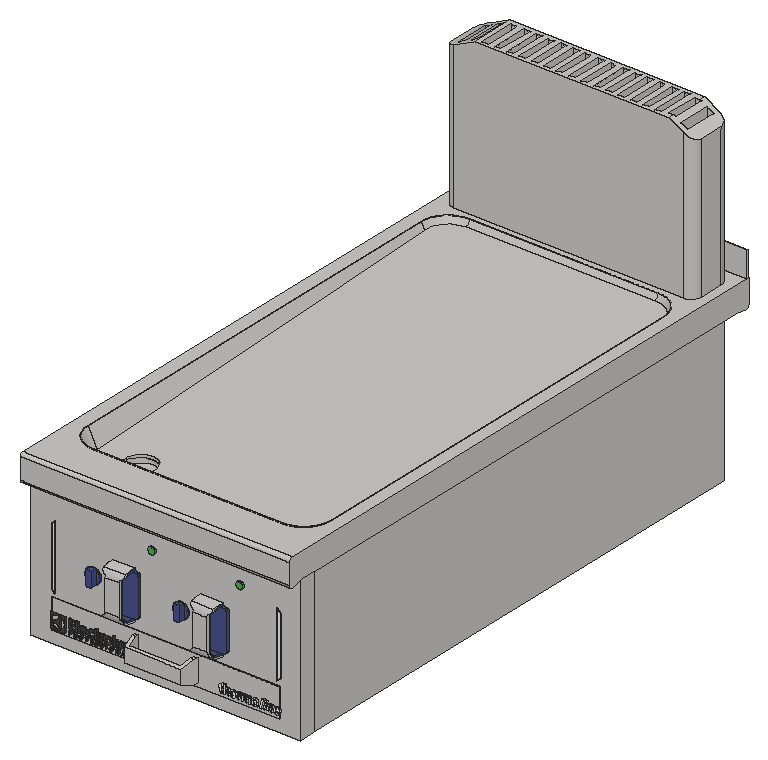
Revit family "QF_ELECTROLUXPROFESSIONAL_588532_MBHMBBDOPO", category Attrezzature speciali, Revit 2020 (continued)
Definition of nested family "Front_Panel_W400_Two Knobs_2Spie_Manop"
  Definition of nested family "ELX_Professional_Logo_Small"
    Forms (mm)
      Extrusion 2, solid, material <- "Material_Logo"
        sketch origin (15.5, 0, 0) x (1, 0, 0) y (0, 1, 0)
          loop
            spline (-24.114, -0.509) -> (-24.311, -0.699) -> (-24.509, -0.872) -> (-24.71, -1.03) -> (-24.915, -1.172) -> (-25.126, -1.297) -> (-25.346, -1.407) -> (-25.576, -1.5) -> (-25.817, -1.576) -> (-26.072, -1.636) -> (-26.342, -1.678) -> (-26.629, -1.704) -> (-26.936, -1.713)
            spline (-26.936, -1.713) -> (-27.384, -1.691) -> (-27.805, -1.625) -> (-28.196, -1.518) -> (-28.556, -1.372) -> (-28.882, -1.187) -> (-29.174, -0.966) -> (-29.429, -0.71) -> (-29.645, -0.422) -> (-29.821, -0.102) -> (-29.955, 0.247) -> (-30.045, 0.623) -> (-30.089, 1.026)
            line (-30.089, 1.026) -> (-21.956, 1.026) -> (-21.915, 1.897)
          loop
            spline (-24.446, 2.769) -> (-24.47, 3.075) -> (-24.54, 3.37) -> (-24.654, 3.65) -> (-24.807, 3.913) -> (-24.996, 4.156) -> (-25.219, 4.376) -> (-25.472, 4.57) -> (-25.753, 4.736) -> (-26.057, 4.869) -> (-26.382, 4.968) -> (-26.724, 5.03) -> (-27.081, 5.051)
            spline (-27.081, 5.051) -> (-27.464, 5.03) -> (-27.832, 4.97) -> (-28.183, 4.872) -> (-28.513, 4.74) -> (-28.819, 4.577) -> (-29.099, 4.384) -> (-29.347, 4.165) -> (-29.563, 3.923) -> (-29.742, 3.659) -> (-29.881, 3.377) -> (-29.977, 3.079) -> (-30.027, 2.769)
            line (-30.027, 2.769) -> (-24.446, 2.769)
          loop
            spline (-18.167, 1.669) -> (-18.138, 2.13) -> (-18.055, 2.567) -> (-17.921, 2.978) -> (-17.739, 3.358) -> (-17.512, 3.705) -> (-17.243, 4.016) -> (-16.937, 4.287) -> (-16.596, 4.517) -> (-16.223, 4.7) -> (-15.823, 4.835) -> (-15.398, 4.919) -> (-14.951, 4.947)
            spline (-14.951, 4.947) -> (-14.677, 4.938) -> (-14.414, 4.913) -> (-14.162, 4.871) -> (-13.921, 4.812) -> (-13.69, 4.738) -> (-13.467, 4.649) -> (-13.254, 4.544) -> (-13.048, 4.424) -> (-12.85, 4.291) -> (-12.659, 4.143) -> (-12.474, 3.981) -> (-12.295, 3.806)
            line (-12.295, 3.806) -> (-10.76, 5.403)
            spline (-10.76, 5.403) -> (-11.065, 5.709) -> (-11.38, 5.984) -> (-11.703, 6.228) -> (-12.035, 6.443) -> (-12.375, 6.63) -> (-12.723, 6.788) -> (-13.078, 6.92) -> (-13.44, 7.026) -> (-13.809, 7.107) -> (-14.184, 7.164) -> (-14.564, 7.198) -> (-14.951, 7.209)
            spline (-14.951, 7.209) -> (-15.725, 7.161) -> (-16.467, 7.02) -> (-17.169, 6.792) -> (-17.826, 6.482) -> (-18.43, 6.096) -> (-18.976, 5.637) -> (-19.455, 5.112) -> (-19.862, 4.525) -> (-20.19, 3.882) -> (-20.433, 3.189) -> (-20.584, 2.449) -> (-20.635, 1.669)
            spline (-20.635, 1.669) -> (-20.584, 0.889) -> (-20.433, 0.149) -> (-20.19, -0.545) -> (-19.862, -1.187) -> (-19.455, -1.774) -> (-18.976, -2.299) -> (-18.43, -2.758) -> (-17.826, -3.145) -> (-17.169, -3.454) -> (-16.467, -3.682) -> (-15.725, -3.823) -> (-14.951, -3.871)
            spline (-14.951, -3.871) -> (-14.564, -3.86) -> (-14.184, -3.826) -> (-13.809, -3.77) -> (-13.44, -3.689) -> (-13.078, -3.583) -> (-12.723, -3.451) -> (-12.375, -3.292) -> (-12.035, -3.105) -> (-11.703, -2.89) -> (-11.38, -2.646) -> (-11.065, -2.371) -> (-10.76, -2.066)
            line (-10.76, -2.066) -> (-12.295, -0.468)
            spline (-12.295, -0.468) -> (-12.474, -0.643) -> (-12.659, -0.805) -> (-12.85, -0.953) -> (-13.048, -1.087) -> (-13.254, -1.206) -> (-13.467, -1.311) -> (-13.69, -1.4) -> (-13.921, -1.475) -> (-14.162, -1.533) -> (-14.414, -1.575) -> (-14.677, -1.6) -> (-14.951, -1.609)
            spline (-14.951, -1.609) -> (-15.398, -1.581) -> (-15.823, -1.497) -> (-16.223, -1.362) -> (-16.596, -1.179) -> (-16.937, -0.95) -> (-17.243, -0.678) -> (-17.512, -0.367) -> (-17.739, -0.02) -> (-17.921, 0.36) -> (-18.055, 0.771) -> (-18.138, 1.208) -> (-18.167, 1.669)
          loop
            spline (-4.441, -1.243) -> (-4.659, -1.247) -> (-4.894, -1.23) -> (-5.137, -1.19) -> (-5.384, -1.121) -> (-5.628, -1.021) -> (-5.864, -0.884) -> (-6.084, -0.708) -> (-6.283, -0.488) -> (-6.454, -0.219) -> (-6.592, 0.101) -> (-6.69, 0.478) -> (-6.742, 0.914)
            line (-6.742, 0.914) -> (-6.742, 4.587) -> (-4.487, 4.587) -> (-4.487, 6.838) -> (-6.738, 6.838) -> (-6.738, 10.824) -> (-9.217, 10.824) -> (-9.217, 0.773)
            spline (-9.217, 0.773) -> (-9.164, 0.19) -> (-9.068, -0.358) -> (-8.928, -0.87) -> (-8.742, -1.343) -> (-8.511, -1.777) -> (-8.232, -2.168) -> (-7.904, -2.515) -> (-7.527, -2.816) -> (-7.098, -3.069) -> (-6.618, -3.273) -> (-6.084, -3.426) -> (-5.496, -3.525)
            line (-5.496, -3.525) -> (-4.45, -3.573) -> (-4.441, -1.243)
          loop
            spline (3.898, 6.983) -> (3.469, 7.009) -> (3.056, 7.001) -> (2.661, 6.961) -> (2.283, 6.888) -> (1.925, 6.785) -> (1.588, 6.652) -> (1.272, 6.49) -> (0.979, 6.301) -> (0.71, 6.085) -> (0.465, 5.844) -> (0.247, 5.578) -> (0.056, 5.289)
            line (0.056, 5.289) -> (0.056, 6.838) -> (-2.402, 6.838) -> (-2.402, -3.572) -> (0.056, -3.572) -> (0.056, 1.901)
            spline (0.056, 1.901) -> (0.079, 2.316) -> (0.145, 2.703) -> (0.254, 3.06) -> (0.404, 3.386) -> (0.592, 3.679) -> (0.818, 3.938) -> (1.08, 4.162) -> (1.375, 4.348) -> (1.703, 4.495) -> (2.062, 4.602) -> (2.45, 4.668) -> (2.865, 4.69)
            line (2.865, 4.69) -> (3.898, 4.586) -> (3.898, 6.983)
          loop
            spline (15.638, 1.633) -> (15.586, 2.396) -> (15.435, 3.124) -> (15.192, 3.81) -> (14.863, 4.449) -> (14.455, 5.034) -> (13.975, 5.56) -> (13.43, 6.021) -> (12.826, 6.411) -> (12.17, 6.724) -> (11.469, 6.955) -> (10.729, 7.098) -> (9.958, 7.147)
            spline (9.958, 7.147) -> (9.182, 7.098) -> (8.44, 6.955) -> (7.737, 6.724) -> (7.081, 6.411) -> (6.477, 6.021) -> (5.933, 5.56) -> (5.454, 5.034) -> (5.048, 4.449) -> (4.721, 3.81) -> (4.479, 3.124) -> (4.329, 2.396) -> (4.277, 1.633)
            spline (4.277, 1.633) -> (4.329, 0.869) -> (4.479, 0.141) -> (4.721, -0.544) -> (5.048, -1.183) -> (5.454, -1.768) -> (5.933, -2.294) -> (6.477, -2.755) -> (7.081, -3.145) -> (7.737, -3.459) -> (8.44, -3.69) -> (9.182, -3.833) -> (9.958, -3.882)
            spline (9.958, -3.882) -> (10.729, -3.833) -> (11.469, -3.69) -> (12.17, -3.459) -> (12.826, -3.145) -> (13.43, -2.755) -> (13.975, -2.294) -> (14.455, -1.768) -> (14.863, -1.183) -> (15.192, -0.544) -> (15.435, 0.141) -> (15.586, 0.869) -> (15.638, 1.633)
          loop
            spline (13.18, 1.633) -> (13.151, 2.083) -> (13.067, 2.513) -> (12.932, 2.918) -> (12.748, 3.296) -> (12.52, 3.642) -> (12.251, 3.954) -> (11.943, 4.227) -> (11.601, 4.459) -> (11.228, 4.645) -> (10.828, 4.782) -> (10.403, 4.867) -> (9.958, 4.896)
            spline (9.958, 4.896) -> (9.509, 4.867) -> (9.081, 4.782) -> (8.679, 4.645) -> (8.306, 4.459) -> (7.964, 4.227) -> (7.658, 3.954) -> (7.39, 3.642) -> (7.163, 3.296) -> (6.981, 2.918) -> (6.847, 2.513) -> (6.765, 2.083) -> (6.736, 1.633)
            spline (6.736, 1.633) -> (6.765, 1.182) -> (6.847, 0.753) -> (6.981, 0.347) -> (7.163, -0.031) -> (7.39, -0.377) -> (7.658, -0.689) -> (7.964, -0.962) -> (8.306, -1.193) -> (8.679, -1.38) -> (9.081, -1.517) -> (9.509, -1.602) -> (9.958, -1.631)
            spline (9.958, -1.631) -> (10.403, -1.602) -> (10.828, -1.517) -> (11.228, -1.38) -> (11.601, -1.193) -> (11.943, -0.962) -> (12.251, -0.689) -> (12.52, -0.377) -> (12.748, -0.031) -> (12.932, 0.347) -> (13.067, 0.753) -> (13.151, 1.182) -> (13.18, 1.633)
          loop
            line (17.162, 4.269) -> (17.162, -3.573) -> (19.642, -3.573) -> (19.642, 10.824) -> (17.162, 10.824) -> (17.162, 4.269)
          loop
            line (28.581, 6.838) -> (28.581, 0.786)
            spline (28.581, 0.786) -> (28.561, 0.393) -> (28.503, 0.038) -> (28.409, -0.279) -> (28.281, -0.559) -> (28.122, -0.802) -> (27.933, -1.011) -> (27.717, -1.185) -> (27.476, -1.325) -> (27.213, -1.433) -> (26.929, -1.509) -> (26.626, -1.554) -> (26.308, -1.569)
            spline (26.308, -1.569) -> (25.99, -1.554) -> (25.688, -1.509) -> (25.404, -1.434) -> (25.141, -1.326) -> (24.9, -1.187) -> (24.684, -1.014) -> (24.496, -0.807) -> (24.336, -0.565) -> (24.209, -0.288) -> (24.115, 0.026) -> (24.057, 0.376) -> (24.037, 0.765)
            line (24.037, 0.765) -> (24.037, 6.838) -> (21.537, 6.838) -> (21.537, 0.558)
            spline (21.537, 0.558) -> (21.581, -0.153) -> (21.71, -0.8) -> (21.916, -1.384) -> (22.195, -1.904) -> (22.54, -2.362) -> (22.944, -2.757) -> (23.403, -3.09) -> (23.909, -3.362) -> (24.456, -3.572) -> (25.04, -3.722) -> (25.652, -3.811) -> (26.288, -3.841)
            spline (26.288, -3.841) -> (26.929, -3.811) -> (27.547, -3.72) -> (28.135, -3.568) -> (28.687, -3.355) -> (29.197, -3.079) -> (29.66, -2.741) -> (30.068, -2.341) -> (30.415, -1.877) -> (30.696, -1.349) -> (30.905, -0.757) -> (31.034, -0.101) -> (31.079, 0.621)
            line (31.079, 0.621) -> (31.079, 6.838) -> (28.581, 6.838)
          loop
            line (40.457, -0.243) -> (38.894, 1.942) -> (40.83, 4.579) -> (42.488, 6.837) -> (39.782, 6.837) -> (37.53, 3.719) -> (35.258, 6.837) -> (32.573, 6.837) -> (34.113, 4.731) -> (36.167, 1.922) -> (34.014, -1.076) -> (32.222, -3.573) -> (34.887, -3.573) -> (37.53, 0.104) -> (40.174, -3.573) -> (42.839, -3.573) -> (40.457, -0.243)
          loop
            line (-46.121, -5.837) -> (-48.039, -5.837) -> (-48.039, -10.814) -> (-47.016, -10.814) -> (-47.016, -9.128) -> (-46.121, -9.128)
            arc (-46.121, -9.128) -> (-44.476, -7.482) -> (-46.121, -5.837) r 1.645
          loop
            line (-46.163, -6.778) -> (-47.016, -6.778) -> (-47.016, -8.187) -> (-46.163, -8.187)
            arc (-46.163, -8.187) -> (-45.458, -7.482) -> (-46.163, -6.778) r 0.704
          loop
            line (-38.313, -5.837) -> (-40.265, -5.837) -> (-40.265, -10.814) -> (-39.241, -10.814) -> (-39.241, -9.1) -> (-38.46, -9.182) -> (-37.48, -10.814) -> (-36.318, -10.814) -> (-37.513, -8.848)
            arc (-37.513, -8.848) -> (-36.888, -8.266) -> (-36.671, -7.441) r 1.536
            arc (-36.671, -7.441) -> (-37.165, -6.305) -> (-38.313, -5.837) r 1.643
          loop
            arc (-38.402, -8.166) -> (-37.707, -7.505) -> (-38.334, -6.778) r 0.696
            line (-38.334, -6.778) -> (-39.241, -6.778) -> (-39.241, -8.166) -> (-38.402, -8.166)
          loop
            circle (-29.965, -8.325) r 2.585
          loop
            circle (-29.965, -8.325) r 1.64
          loop
            line (-23.1, -5.837) -> (-23.1, -10.814) -> (-22.076, -10.814) -> (-22.076, -8.768) -> (-20.204, -8.768) -> (-20.204, -7.828) -> (-22.076, -7.828) -> (-22.076, -6.778) -> (-20.024, -6.778) -> (-20.024, -5.837) -> (-23.1, -5.837)
          loop
            line (-15.802, -5.837) -> (-15.802, -9.2)
            arc (-15.802, -9.2) -> (-15.343, -10.34) -> (-14.209, -10.814) r 1.593
            line (-14.209, -10.814) -> (-12.602, -10.814) -> (-12.602, -10.027) -> (-14.004, -10.027)
            arc (-14.004, -10.027) -> (-14.552, -9.8) -> (-14.779, -9.252) r 0.775
            line (-14.779, -9.252) -> (-14.779, -8.424) -> (-12.789, -8.424) -> (-12.789, -7.642) -> (-14.779, -7.642) -> (-14.779, -6.778) -> (-12.651, -6.778) -> (-12.651, -5.837) -> (-15.802, -5.837)
          loop
            line (-5.909, -7.143) -> (-5.173, -6.638)
            arc (-5.173, -6.638) -> (-5.855, -5.974) -> (-6.781, -5.755) r 1.782
            arc (-6.781, -5.755) -> (-7.397, -5.878) -> (-7.944, -6.189) r 1.974
            arc (-7.944, -6.189) -> (-8.202, -6.5) -> (-8.317, -6.888) r 1.013
            arc (-8.317, -6.888) -> (-8.306, -7.341) -> (-8.192, -7.78) r 1.985
            arc (-8.192, -7.78) -> (-7.749, -8.259) -> (-7.171, -8.563) r 1.928
            arc (-7.171, -8.563) -> (-6.637, -8.779) -> (-6.131, -9.056) r 5.041
            arc (-6.131, -9.056) -> (-5.934, -9.387) -> (-6.09, -9.74) r 0.42
            arc (-6.09, -9.74) -> (-6.631, -9.96) -> (-7.204, -9.845) r 1.016
            arc (-7.204, -9.845) -> (-7.625, -9.603) -> (-7.889, -9.196) r 1.033
            line (-7.889, -9.196) -> (-8.67, -9.686)
            arc (-8.67, -9.686) -> (-8.361, -10.198) -> (-7.908, -10.589) r 1.914
            arc (-7.908, -10.589) -> (-7.334, -10.834) -> (-6.714, -10.896) r 2.063
            arc (-6.714, -10.896) -> (-5.947, -10.743) -> (-5.256, -10.376) r 2.696
            arc (-5.256, -10.376) -> (-4.95, -9.565) -> (-5.108, -8.712) r 1.618
            arc (-5.108, -8.712) -> (-5.448, -8.319) -> (-5.884, -8.035) r 1.876
            arc (-5.884, -8.035) -> (-6.434, -7.789) -> (-6.999, -7.577) r 9.883
            arc (-6.999, -7.577) -> (-7.325, -7.07) -> (-6.854, -6.694) r 0.45
            arc (-6.854, -6.694) -> (-6.329, -6.809) -> (-5.909, -7.143) r 1.197
          loop
            line (1.61, -7.143) -> (2.345, -6.638)
            arc (2.345, -6.638) -> (1.663, -5.974) -> (0.737, -5.755) r 1.782
            arc (0.737, -5.755) -> (0.121, -5.878) -> (-0.425, -6.189) r 1.974
            arc (-0.425, -6.189) -> (-0.683, -6.5) -> (-0.799, -6.888) r 1.013
            arc (-0.799, -6.888) -> (-0.788, -7.341) -> (-0.674, -7.78) r 1.985
            arc (-0.674, -7.78) -> (-0.231, -8.259) -> (0.347, -8.563) r 1.928
            arc (0.347, -8.563) -> (0.881, -8.779) -> (1.387, -9.056) r 5.041
            arc (1.387, -9.056) -> (1.584, -9.387) -> (1.428, -9.74) r 0.42
            arc (1.428, -9.74) -> (0.887, -9.96) -> (0.314, -9.845) r 1.016
            arc (0.314, -9.845) -> (-0.107, -9.603) -> (-0.371, -9.196) r 1.033
            line (-0.371, -9.196) -> (-1.152, -9.686)
            arc (-1.152, -9.686) -> (-0.842, -10.198) -> (-0.39, -10.589) r 1.914
            arc (-0.39, -10.589) -> (0.184, -10.834) -> (0.804, -10.896) r 2.063
            arc (0.804, -10.896) -> (1.572, -10.743) -> (2.263, -10.376) r 2.696
            arc (2.263, -10.376) -> (2.568, -9.565) -> (2.411, -8.712) r 1.618
            arc (2.411, -8.712) -> (2.07, -8.319) -> (1.635, -8.035) r 1.876
            arc (1.635, -8.035) -> (1.084, -7.789) -> (0.519, -7.577) r 9.883
            arc (0.519, -7.577) -> (0.193, -7.07) -> (0.665, -6.694) r 0.45
            arc (0.665, -6.694) -> (1.189, -6.809) -> (1.61, -7.143) r 1.197
          loop
            line (6.801, -5.837) -> (6.801, -10.814) -> (7.825, -10.814) -> (7.825, -5.837) -> (6.801, -5.837)
          loop
            circle (14.724, -8.325) r 1.548
          loop
            circle (14.724, -8.325) r 2.585
          loop
            line (21.59, -10.814) -> (22.623, -10.814) -> (22.623, -7.685) -> (24.9, -10.814) -> (25.895, -10.814) -> (25.895, -5.837) -> (24.861, -5.837) -> (24.861, -9.061) -> (22.585, -5.837) -> (21.59, -5.837) -> (21.59, -10.814)
          loop
            line (31.054, -10.814) -> (31.539, -9.74) -> (33.38, -9.74) -> (33.865, -10.814) -> (34.965, -10.814) -> (32.46, -5.837) -> (29.956, -10.814) -> (31.054, -10.814)
          loop
            line (32.46, -7.698) -> (31.999, -8.719) -> (32.921, -8.719) -> (32.46, -7.698)
          loop
            line (40.047, -9.873) -> (40.047, -5.837) -> (39.024, -5.837) -> (39.024, -10.814) -> (41.961, -10.814) -> (41.961, -9.873) -> (40.047, -9.873)
          loop
            line (-74.986, -10.814) -> (-53.322, -10.814) -> (-53.322, 10.82) -> (-74.986, 10.82) -> (-74.986, -10.814)
          loop
            line (-61.261, 9.758) -> (-61.261, -9.707)
            arc (-61.261, -9.707) -> (-54.066, 0.025) -> (-61.261, 9.758) r 10.18
          loop
            line (-62.251, 8.349) -> (-62.251, 9.758)
            arc (-62.251, 9.758) -> (-70.347, 7.918) -> (-74.247, 0.59) r 9.976
            line (-74.247, 0.59) -> (-71.026, 0.59)
            arc (-71.026, 0.59) -> (-65.274, 2.925) -> (-62.251, 8.349) r 9.351
          loop
            arc (-74.247, -0.539) -> (-70.353, -7.928) -> (-62.251, -9.957) r 10.237
            line (-62.251, -9.957) -> (-62.251, -8.298)
            arc (-62.251, -8.298) -> (-65.274, -2.874) -> (-71.026, -0.539) r 9.351
            line (-71.026, -0.539) -> (-74.247, -0.539)
        from 0 to 1.644
    Dimensions and locks
      aligned and locked: plane 2 to Extrusion 1
      aligned and locked: level to Extrusion 1
